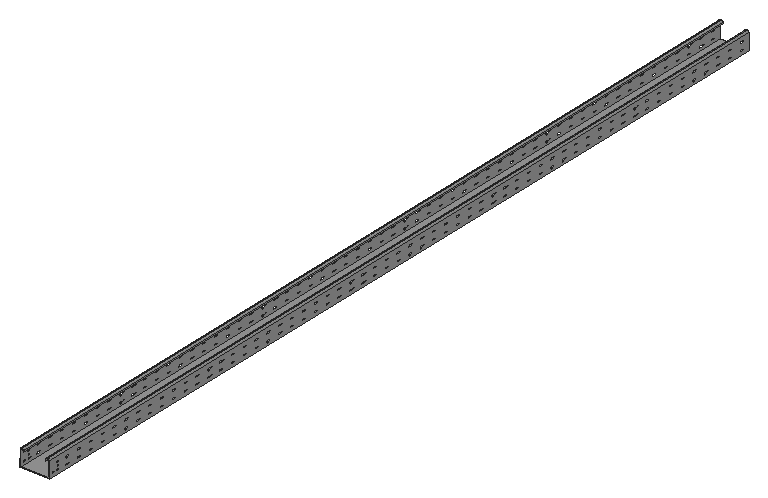
Revit family "Kabelrinne_rksm_A2_610_615_620_630_640_650_660", category Generic Models, Revit 2017 (continued)
Dimensions and locks
  locked: cut or joined group 1 (Extrusion 1, Extrusion 5, Extrusion 8, Extrusion 10, Extrusion 11, Extrusion 13, Extrusion 14, Extrusion 15, Extrusion 16, Extrusion 17, Extrusion 18, Extrusion 19, Extrusion 20, Extrusion 21, Extrusion 22, Extrusion 23, Extrusion 24, Extrusion 25, Extrusion 26, Extrusion 27, Extrusion 28, Extrusion 29, Extrusion 30, Extrusion 31, Extrusion 32, Extrusion 33, Extrusion 34, Extrusion 35, Extrusion 36, Extrusion 37, Extrusion 38, Extrusion 39, Extrusion 40, Extrusion 41, Extrusion 42, Extrusion 43, Extrusion 44, Extrusion 45, Extrusion 46, Extrusion 47, Extrusion 48, Extrusion 49, Extrusion 50, Extrusion 51, Extrusion 52, Extrusion 53, Extrusion 54, Extrusion 55, Extrusion 56, Extrusion 57, Extrusion 58, Extrusion 59, Extrusion 60, Extrusion 61, Extrusion 62, Extrusion 63, Extrusion 64, Extrusion 65, Extrusion 66, Extrusion 67, Extrusion 68, Extrusion 69, Extrusion 70, Extrusion 71, Extrusion 72, Extrusion 73, Extrusion 74, Extrusion 75, Extrusion 76, Extrusion 77, Extrusion 78, Extrusion 79, Extrusion 80, Extrusion 81, Extrusion 82, Extrusion 83, Extrusion 84, Extrusion 85, Extrusion 86, Extrusion 87, Extrusion 88, Extrusion 89, Extrusion 90, Extrusion 91, Extrusion 92, Extrusion 93, Extrusion 94, Extrusion 95, Extrusion 96, Extrusion 97, Extrusion 98, Extrusion 99, Extrusion 100, Extrusion 101, Extrusion 102, Extrusion 103, Extrusion 104, Extrusion 105, Extrusion 106, Extrusion 107, Extrusion 108, Extrusion 109, Extrusion 110, Extrusion 111, Extrusion 112, Extrusion 113, Extrusion 114, Extrusion 115, Extrusion 116, Extrusion 117, Extrusion 118, Extrusion 119, Extrusion 120, Extrusion 121, Extrusion 122, Extrusion 123, Extrusion 124, Extrusion 125, Extrusion 126, Extrusion 127, Extrusion 128, Extrusion 129, Extrusion 130, Extrusion 131, Extrusion 132, Extrusion 133, Extrusion 134, Extrusion 135, Extrusion 136, Extrusion 137, Extrusion 138, Extrusion 139, Extrusion 140, Extrusion 141, Extrusion 142, Extrusion 143, Extrusion 144, Extrusion 145, Extrusion 146, Extrusion 147, Extrusion 148, Extrusion 149, Extrusion 150, Extrusion 151, Extrusion 152, Extrusion 153, Extrusion 154, Extrusion 155, Extrusion 156, Extrusion 157, Extrusion 158, Extrusion 159, Extrusion 160, Extrusion 161, Extrusion 162, Extrusion 163, Extrusion 164, Extrusion 165, Extrusion 166, Extrusion 167, Extrusion 168, Extrusion 169, Extrusion 170, Extrusion 171, Extrusion 172, Extrusion 173, Extrusion 174, Extrusion 175, Extrusion 176, Extrusion 177, Extrusion 178, Extrusion 179, Extrusion 180, Extrusion 181, Extrusion 182, Extrusion 183, Extrusion 184, Extrusion 185, Extrusion 186, Extrusion 187, Extrusion 188, Extrusion 189, Extrusion 190, Extrusion 191, Extrusion 192, Extrusion 193, Extrusion 194, Extrusion 195, Extrusion 196, Extrusion 197, Extrusion 198, Extrusion 199, Extrusion 200, Extrusion 201, Extrusion 202, Extrusion 203, Extrusion 204, Extrusion 205, Extrusion 206, Extrusion 207, Extrusion 208, Extrusion 209, Extrusion 210, Extrusion 211, Extrusion 212, Extrusion 213, Extrusion 214, Extrusion 215, Extrusion 216, Extrusion 217, Extrusion 218, Extrusion 219, Extrusion 220, Extrusion 221, Extrusion 222, Extrusion 223, Extrusion 224, Extrusion 225, Extrusion 226, Extrusion 227, Extrusion 228, Extrusion 229, Extrusion 230, Extrusion 231, Extrusion 232, Extrusion 233, Extrusion 234, Extrusion 235, Extrusion 236, Extrusion 237, Extrusion 238, Extrusion 239, Extrusion 240, Extrusion 241, Extrusion 242, Extrusion 243, Extrusion 244, Extrusion 245, Extrusion 246, Extrusion 247, Extrusion 248, Extrusion 249, Extrusion 250, Extrusion 251, Extrusion 252, Extrusion 253, Extrusion 254, Extrusion 255, Extrusion 256, Extrusion 257, Extrusion 258, Extrusion 259, Extrusion 260, Extrusion 261, Extrusion 262, Extrusion 263, Extrusion 264, Extrusion 265, Extrusion 266, Extrusion 267, Extrusion 268, Extrusion 269, Extrusion 270, Extrusion 271, Extrusion 272, Extrusion 273, Extrusion 274, Extrusion 275, Extrusion 276, Extrusion 277) to cut or joined group 1 at 25  (x2)
  locked: Extrusion 9 sketch curve to Extrusion 9 sketch curve at 7
  locked: Extrusion 10 sketch curve to Extrusion 10 sketch curve at 7
  locked: Extrusion 11 sketch curve to Extrusion 11 sketch curve at 7
  group 9 to group 10 = 0 mm  (x2)
  group 9 to group 10 = 25 mm
  locked: plane 1 "Center (Front/Back)" to cut or joined group 1 at 66.3  (x2)
  locked: plane 1 "Center (Front/Back)" to cut or joined group 1 at 86.3  (x2)
  locked: plane 11 to plane 12 at 50.8
  locked: Extrusion 12 sketch curve to Extrusion 12 sketch curve at 7
  locked: Extrusion 13 sketch curve to Extrusion 13 sketch curve at 7
  locked: Extrusion 14 sketch curve to Extrusion 14 sketch curve at 7
  group 13 to group 14 = 0 mm  (x2)
  group 13 to group 14 = 25 mm
  equal spacing: group 11, group 15, group 18, group 21, group 37, group 199, group 202, group 205, group 208, group 211, group 214, group 217, group 220, group 223, group 226, group 229, group 232, group 235, group 238, group 241, group 244, group 247, group 250, group 253, group 256, group 259, group 262, group 265, group 268, group 271, group 274, group 277, group 280, group 283, group 286, group 289, group 292, group 295, group 298, group 301, group 304, group 307, group 310, group 313, group 316, group 319, group 322, group 325, group 328, group 331, group 334, group 337, group 340, group 343, group 346, group 349, group 352, group 355  (x3)
  locked: plane 1 "Center (Front/Back)" to cut or joined group 1 at 117.1  (x2)
  locked: plane 1 "Center (Front/Back)" to cut or joined group 1 at 137.1  (x2)
  locked: Extrusion 15 sketch curve to Extrusion 15 sketch curve at 7
  locked: Extrusion 16 sketch curve to Extrusion 16 sketch curve at 7
  group 16 to group 17 = 0 mm  (x2)
  group 16 to group 17 = 25 mm
  locked: Extrusion 17 sketch curve to Extrusion 17 sketch curve at 7
  locked: Extrusion 18 sketch curve to Extrusion 18 sketch curve at 7
  group 19 to group 20 = 0 mm  (x2)
  group 19 to group 20 = 25 mm
  locked: Extrusion 19 sketch curve to Extrusion 19 sketch curve at 7
  locked: Extrusion 20 sketch curve to Extrusion 20 sketch curve at 7
  group 23 to group 24 = 0 mm  (x2)
  group 23 to group 24 = 25 mm
  equal spacing: group 22, group 25, group 28, group 31, group 34, group 40, group 43, group 46, group 49, group 52, group 55, group 58, group 61, group 64, group 67, group 70, group 73, group 76, group 79, group 82, group 85, group 88, group 91, group 94, group 97, group 100, group 103, group 106, group 109, group 112, group 115, group 118, group 121, group 124, group 127, group 130, group 133, group 136, group 139, group 142, group 145, group 148, group 151, group 154, group 157, group 160, group 163, group 166, group 169, group 172, group 175, group 178, group 181, group 184, group 187, group 190, group 193, group 196  (x3)
  locked: cut or joined group 1 to plane 1 "Center (Front/Back)" at 117.1  (x2)
  locked: cut or joined group 1 to plane 1 "Center (Front/Back)" at 137.1  (x2)
  locked: Extrusion 21 sketch curve to Extrusion 21 sketch curve at 7
  locked: Extrusion 22 sketch curve to Extrusion 22 sketch curve at 7
  group 26 to group 27 = 0 mm  (x2)
  group 26 to group 27 = 25 mm
  locked: Extrusion 23 sketch curve to Extrusion 23 sketch curve at 7
  locked: Extrusion 24 sketch curve to Extrusion 24 sketch curve at 7
  group 29 to group 30 = 0 mm  (x2)
  group 29 to group 30 = 25 mm
  locked: Extrusion 25 sketch curve to Extrusion 25 sketch curve at 7
  locked: Extrusion 26 sketch curve to Extrusion 26 sketch curve at 7
  group 32 to group 33 = 0 mm  (x2)
  group 32 to group 33 = 25 mm
  locked: Extrusion 27 sketch curve to Extrusion 27 sketch curve at 7
  locked: Extrusion 28 sketch curve to Extrusion 28 sketch curve at 7
  group 35 to group 36 = 0 mm  (x2)
  group 35 to group 36 = 25 mm
  locked: Extrusion 29 sketch curve to Extrusion 29 sketch curve at 7
  locked: Extrusion 30 sketch curve to Extrusion 30 sketch curve at 7
  group 38 to group 39 = 0 mm  (x2)
  group 38 to group 39 = 25 mm
  locked: Extrusion 31 sketch curve to Extrusion 31 sketch curve at 7
  locked: Extrusion 32 sketch curve to Extrusion 32 sketch curve at 7
  group 41 to group 42 = 0 mm  (x2)
  group 41 to group 42 = 25 mm
  locked: Extrusion 33 sketch curve to Extrusion 33 sketch curve at 7
  locked: Extrusion 34 sketch curve to Extrusion 34 sketch curve at 7
  group 44 to group 45 = 0 mm  (x2)
  group 44 to group 45 = 25 mm
  locked: Extrusion 35 sketch curve to Extrusion 35 sketch curve at 7
  locked: Extrusion 36 sketch curve to Extrusion 36 sketch curve at 7
  group 47 to group 48 = 0 mm  (x2)
  group 47 to group 48 = 25 mm
  locked: Extrusion 37 sketch curve to Extrusion 37 sketch curve at 7
  locked: Extrusion 38 sketch curve to Extrusion 38 sketch curve at 7
  group 50 to group 51 = 0 mm  (x2)
  group 50 to group 51 = 25 mm
  locked: Extrusion 39 sketch curve to Extrusion 39 sketch curve at 7
  locked: Extrusion 40 sketch curve to Extrusion 40 sketch curve at 7
  group 53 to group 54 = 0 mm  (x2)
  group 53 to group 54 = 25 mm
  locked: Extrusion 41 sketch curve to Extrusion 41 sketch curve at 7
  locked: Extrusion 42 sketch curve to Extrusion 42 sketch curve at 7
  group 56 to group 57 = 0 mm  (x2)
  group 56 to group 57 = 25 mm
  locked: Extrusion 43 sketch curve to Extrusion 43 sketch curve at 7
  locked: Extrusion 44 sketch curve to Extrusion 44 sketch curve at 7
  group 59 to group 60 = 0 mm  (x2)
  group 59 to group 60 = 25 mm
  locked: Extrusion 45 sketch curve to Extrusion 45 sketch curve at 7
  locked: Extrusion 46 sketch curve to Extrusion 46 sketch curve at 7
  group 62 to group 63 = 0 mm  (x2)
  group 62 to group 63 = 25 mm
  locked: Extrusion 47 sketch curve to Extrusion 47 sketch curve at 7
  locked: Extrusion 48 sketch curve to Extrusion 48 sketch curve at 7
  group 65 to group 66 = 0 mm  (x2)
  group 65 to group 66 = 25 mm
  locked: Extrusion 49 sketch curve to Extrusion 49 sketch curve at 7
  locked: Extrusion 50 sketch curve to Extrusion 50 sketch curve at 7
  group 68 to group 69 = 0 mm  (x2)
  group 68 to group 69 = 25 mm
  locked: Extrusion 51 sketch curve to Extrusion 51 sketch curve at 7
  locked: Extrusion 52 sketch curve to Extrusion 52 sketch curve at 7
  group 71 to group 72 = 0 mm  (x2)
  group 71 to group 72 = 25 mm
  locked: Extrusion 53 sketch curve to Extrusion 53 sketch curve at 7
  locked: Extrusion 54 sketch curve to Extrusion 54 sketch curve at 7
  group 74 to group 75 = 0 mm  (x2)
  group 74 to group 75 = 25 mm
  locked: Extrusion 55 sketch curve to Extrusion 55 sketch curve at 7
  locked: Extrusion 56 sketch curve to Extrusion 56 sketch curve at 7
  group 77 to group 78 = 0 mm  (x2)
  group 77 to group 78 = 25 mm
  locked: Extrusion 57 sketch curve to Extrusion 57 sketch curve at 7
  locked: Extrusion 58 sketch curve to Extrusion 58 sketch curve at 7
  group 80 to group 81 = 0 mm  (x2)
  group 80 to group 81 = 25 mm
  locked: Extrusion 59 sketch curve to Extrusion 59 sketch curve at 7
  locked: Extrusion 60 sketch curve to Extrusion 60 sketch curve at 7
  group 83 to group 84 = 0 mm  (x2)
  group 83 to group 84 = 25 mm
  locked: Extrusion 61 sketch curve to Extrusion 61 sketch curve at 7
  locked: Extrusion 62 sketch curve to Extrusion 62 sketch curve at 7
  group 86 to group 87 = 0 mm  (x2)
  group 86 to group 87 = 25 mm
  locked: Extrusion 63 sketch curve to Extrusion 63 sketch curve at 7
  locked: Extrusion 64 sketch curve to Extrusion 64 sketch curve at 7
  group 89 to group 90 = 0 mm  (x2)
  group 89 to group 90 = 25 mm
  locked: Extrusion 65 sketch curve to Extrusion 65 sketch curve at 7
  locked: Extrusion 66 sketch curve to Extrusion 66 sketch curve at 7
  group 92 to group 93 = 0 mm  (x2)
  group 92 to group 93 = 25 mm
  locked: Extrusion 67 sketch curve to Extrusion 67 sketch curve at 7
  locked: Extrusion 68 sketch curve to Extrusion 68 sketch curve at 7
  group 95 to group 96 = 0 mm  (x2)
  group 95 to group 96 = 25 mm
  locked: Extrusion 69 sketch curve to Extrusion 69 sketch curve at 7
  locked: Extrusion 70 sketch curve to Extrusion 70 sketch curve at 7
  group 98 to group 99 = 0 mm  (x2)
  group 98 to group 99 = 25 mm
  locked: Extrusion 71 sketch curve to Extrusion 71 sketch curve at 7
  locked: Extrusion 72 sketch curve to Extrusion 72 sketch curve at 7
  group 101 to group 102 = 0 mm  (x2)
  group 101 to group 102 = 25 mm
  locked: Extrusion 73 sketch curve to Extrusion 73 sketch curve at 7
  locked: Extrusion 74 sketch curve to Extrusion 74 sketch curve at 7
  group 104 to group 105 = 0 mm  (x2)
  group 104 to group 105 = 25 mm
  locked: Extrusion 75 sketch curve to Extrusion 75 sketch curve at 7
  locked: Extrusion 76 sketch curve to Extrusion 76 sketch curve at 7
  group 107 to group 108 = 0 mm  (x2)
  group 107 to group 108 = 25 mm
  locked: Extrusion 77 sketch curve to Extrusion 77 sketch curve at 7
  locked: Extrusion 78 sketch curve to Extrusion 78 sketch curve at 7
  group 110 to group 111 = 0 mm  (x2)
  group 110 to group 111 = 25 mm
  locked: Extrusion 79 sketch curve to Extrusion 79 sketch curve at 7
  locked: Extrusion 80 sketch curve to Extrusion 80 sketch curve at 7
  group 113 to group 114 = 0 mm  (x2)
  group 113 to group 114 = 25 mm
  locked: Extrusion 81 sketch curve to Extrusion 81 sketch curve at 7
  locked: Extrusion 82 sketch curve to Extrusion 82 sketch curve at 7
  group 116 to group 117 = 0 mm  (x2)
  group 116 to group 117 = 25 mm
  locked: Extrusion 83 sketch curve to Extrusion 83 sketch curve at 7
  locked: Extrusion 84 sketch curve to Extrusion 84 sketch curve at 7
  group 119 to group 120 = 0 mm  (x2)
  group 119 to group 120 = 25 mm
  locked: Extrusion 85 sketch curve to Extrusion 85 sketch curve at 7
  locked: Extrusion 86 sketch curve to Extrusion 86 sketch curve at 7
  group 122 to group 123 = 0 mm  (x2)
  group 122 to group 123 = 25 mm
  locked: Extrusion 87 sketch curve to Extrusion 87 sketch curve at 7
  locked: Extrusion 88 sketch curve to Extrusion 88 sketch curve at 7
  group 125 to group 126 = 0 mm  (x2)
  group 125 to group 126 = 25 mm
  locked: Extrusion 89 sketch curve to Extrusion 89 sketch curve at 7
  locked: Extrusion 90 sketch curve to Extrusion 90 sketch curve at 7
  group 128 to group 129 = 0 mm  (x2)
  group 128 to group 129 = 25 mm
  locked: Extrusion 91 sketch curve to Extrusion 91 sketch curve at 7
  locked: Extrusion 92 sketch curve to Extrusion 92 sketch curve at 7
  group 131 to group 132 = 0 mm  (x2)
  group 131 to group 132 = 25 mm
  locked: Extrusion 93 sketch curve to Extrusion 93 sketch curve at 7
  locked: Extrusion 94 sketch curve to Extrusion 94 sketch curve at 7
  group 134 to group 135 = 0 mm  (x2)
  group 134 to group 135 = 25 mm
  locked: Extrusion 95 sketch curve to Extrusion 95 sketch curve at 7
  locked: Extrusion 96 sketch curve to Extrusion 96 sketch curve at 7
  group 137 to group 138 = 0 mm  (x2)
  group 137 to group 138 = 25 mm
  locked: Extrusion 97 sketch curve to Extrusion 97 sketch curve at 7
  locked: Extrusion 98 sketch curve to Extrusion 98 sketch curve at 7
  group 140 to group 141 = 0 mm  (x2)
  group 140 to group 141 = 25 mm
  locked: Extrusion 99 sketch curve to Extrusion 99 sketch curve at 7
  locked: Extrusion 100 sketch curve to Extrusion 100 sketch curve at 7
  group 143 to group 144 = 0 mm  (x2)
  group 143 to group 144 = 25 mm
  locked: Extrusion 101 sketch curve to Extrusion 101 sketch curve at 7
  locked: Extrusion 102 sketch curve to Extrusion 102 sketch curve at 7
  group 146 to group 147 = 0 mm  (x2)
  group 146 to group 147 = 25 mm
  locked: Extrusion 103 sketch curve to Extrusion 103 sketch curve at 7
  locked: Extrusion 104 sketch curve to Extrusion 104 sketch curve at 7
  group 149 to group 150 = 0 mm  (x2)
  group 149 to group 150 = 25 mm
  locked: Extrusion 105 sketch curve to Extrusion 105 sketch curve at 7
  locked: Extrusion 106 sketch curve to Extrusion 106 sketch curve at 7
  group 152 to group 153 = 0 mm  (x2)
  group 152 to group 153 = 25 mm
  locked: Extrusion 107 sketch curve to Extrusion 107 sketch curve at 7
  locked: Extrusion 108 sketch curve to Extrusion 108 sketch curve at 7
  group 155 to group 156 = 0 mm  (x2)
  group 155 to group 156 = 25 mm
  locked: Extrusion 109 sketch curve to Extrusion 109 sketch curve at 7
  locked: Extrusion 110 sketch curve to Extrusion 110 sketch curve at 7
  group 158 to group 159 = 0 mm  (x2)
  group 158 to group 159 = 25 mm
  locked: Extrusion 111 sketch curve to Extrusion 111 sketch curve at 7
  locked: Extrusion 112 sketch curve to Extrusion 112 sketch curve at 7
  group 161 to group 162 = 0 mm  (x2)
  group 161 to group 162 = 25 mm
  locked: Extrusion 113 sketch curve to Extrusion 113 sketch curve at 7
  locked: Extrusion 114 sketch curve to Extrusion 114 sketch curve at 7
  group 164 to group 165 = 0 mm  (x2)
  group 164 to group 165 = 25 mm
  locked: Extrusion 115 sketch curve to Extrusion 115 sketch curve at 7
  locked: Extrusion 116 sketch curve to Extrusion 116 sketch curve at 7
  group 167 to group 168 = 0 mm  (x2)
  group 167 to group 168 = 25 mm
  locked: Extrusion 117 sketch curve to Extrusion 117 sketch curve at 7
  locked: Extrusion 118 sketch curve to Extrusion 118 sketch curve at 7
  group 170 to group 171 = 0 mm  (x2)
  group 170 to group 171 = 25 mm
  locked: Extrusion 119 sketch curve to Extrusion 119 sketch curve at 7
  locked: Extrusion 120 sketch curve to Extrusion 120 sketch curve at 7
  group 173 to group 174 = 0 mm  (x2)
  group 173 to group 174 = 25 mm
  locked: Extrusion 121 sketch curve to Extrusion 121 sketch curve at 7
  locked: Extrusion 122 sketch curve to Extrusion 122 sketch curve at 7
  group 176 to group 177 = 0 mm  (x2)
  group 176 to group 177 = 25 mm
  locked: Extrusion 123 sketch curve to Extrusion 123 sketch curve at 7
  locked: Extrusion 124 sketch curve to Extrusion 124 sketch curve at 7
  group 179 to group 180 = 0 mm  (x2)
  group 179 to group 180 = 25 mm
  locked: Extrusion 125 sketch curve to Extrusion 125 sketch curve at 7
  locked: Extrusion 126 sketch curve to Extrusion 126 sketch curve at 7
  group 182 to group 183 = 0 mm  (x2)
  group 182 to group 183 = 25 mm
  locked: Extrusion 127 sketch curve to Extrusion 127 sketch curve at 7
  locked: Extrusion 128 sketch curve to Extrusion 128 sketch curve at 7
  group 185 to group 186 = 0 mm  (x2)
  group 185 to group 186 = 25 mm
  locked: Extrusion 129 sketch curve to Extrusion 129 sketch curve at 7
  locked: Extrusion 130 sketch curve to Extrusion 130 sketch curve at 7
  group 188 to group 189 = 0 mm  (x2)
  group 188 to group 189 = 25 mm
  locked: Extrusion 131 sketch curve to Extrusion 131 sketch curve at 7
  locked: Extrusion 132 sketch curve to Extrusion 132 sketch curve at 7
  group 191 to group 192 = 0 mm  (x2)
  group 191 to group 192 = 25 mm
  locked: Extrusion 133 sketch curve to Extrusion 133 sketch curve at 7
  locked: Extrusion 134 sketch curve to Extrusion 134 sketch curve at 7
  group 194 to group 195 = 0 mm  (x2)
  group 194 to group 195 = 25 mm
  locked: Extrusion 135 sketch curve to Extrusion 135 sketch curve at 7
  locked: Extrusion 136 sketch curve to Extrusion 136 sketch curve at 7
  group 197 to group 198 = 0 mm  (x2)
  group 197 to group 198 = 25 mm
  locked: Extrusion 137 sketch curve to Extrusion 137 sketch curve at 7
  locked: Extrusion 138 sketch curve to Extrusion 138 sketch curve at 7
  group 200 to group 201 = 0 mm  (x2)
  group 200 to group 201 = 25 mm
  locked: Extrusion 139 sketch curve to Extrusion 139 sketch curve at 7
  locked: Extrusion 140 sketch curve to Extrusion 140 sketch curve at 7
  group 203 to group 204 = 0 mm  (x2)
  group 203 to group 204 = 25 mm
  locked: Extrusion 141 sketch curve to Extrusion 141 sketch curve at 7
  locked: Extrusion 142 sketch curve to Extrusion 142 sketch curve at 7
  group 206 to group 207 = 0 mm  (x2)
  group 206 to group 207 = 25 mm
  locked: Extrusion 143 sketch curve to Extrusion 143 sketch curve at 7
  locked: Extrusion 144 sketch curve to Extrusion 144 sketch curve at 7
  group 209 to group 210 = 0 mm  (x2)
  group 209 to group 210 = 25 mm
  locked: Extrusion 145 sketch curve to Extrusion 145 sketch curve at 7
  locked: Extrusion 146 sketch curve to Extrusion 146 sketch curve at 7
  group 212 to group 213 = 0 mm  (x2)
  group 212 to group 213 = 25 mm
  locked: Extrusion 147 sketch curve to Extrusion 147 sketch curve at 7
  locked: Extrusion 148 sketch curve to Extrusion 148 sketch curve at 7
  group 215 to group 216 = 0 mm  (x2)
  group 215 to group 216 = 25 mm
  locked: Extrusion 149 sketch curve to Extrusion 149 sketch curve at 7
  locked: Extrusion 150 sketch curve to Extrusion 150 sketch curve at 7
  group 218 to group 219 = 0 mm  (x2)
  group 218 to group 219 = 25 mm
  locked: Extrusion 151 sketch curve to Extrusion 151 sketch curve at 7
  locked: Extrusion 152 sketch curve to Extrusion 152 sketch curve at 7
  group 221 to group 222 = 0 mm  (x2)
  group 221 to group 222 = 25 mm
  locked: Extrusion 153 sketch curve to Extrusion 153 sketch curve at 7
  locked: Extrusion 154 sketch curve to Extrusion 154 sketch curve at 7
  group 224 to group 225 = 0 mm  (x2)
  group 224 to group 225 = 25 mm
  locked: Extrusion 155 sketch curve to Extrusion 155 sketch curve at 7
  locked: Extrusion 156 sketch curve to Extrusion 156 sketch curve at 7
  group 227 to group 228 = 0 mm  (x2)
  group 227 to group 228 = 25 mm
  locked: Extrusion 157 sketch curve to Extrusion 157 sketch curve at 7
  locked: Extrusion 158 sketch curve to Extrusion 158 sketch curve at 7
  group 230 to group 231 = 0 mm  (x2)
  group 230 to group 231 = 25 mm
  locked: Extrusion 159 sketch curve to Extrusion 159 sketch curve at 7
  locked: Extrusion 160 sketch curve to Extrusion 160 sketch curve at 7
  group 233 to group 234 = 0 mm  (x2)
  group 233 to group 234 = 25 mm
  locked: Extrusion 161 sketch curve to Extrusion 161 sketch curve at 7
  locked: Extrusion 162 sketch curve to Extrusion 162 sketch curve at 7
  group 236 to group 237 = 0 mm  (x2)
  group 236 to group 237 = 25 mm
  locked: Extrusion 163 sketch curve to Extrusion 163 sketch curve at 7
  locked: Extrusion 164 sketch curve to Extrusion 164 sketch curve at 7
  group 239 to group 240 = 0 mm  (x2)
  group 239 to group 240 = 25 mm
  locked: Extrusion 165 sketch curve to Extrusion 165 sketch curve at 7
  locked: Extrusion 166 sketch curve to Extrusion 166 sketch curve at 7
  group 242 to group 243 = 0 mm  (x2)
  group 242 to group 243 = 25 mm
  locked: Extrusion 167 sketch curve to Extrusion 167 sketch curve at 7
  locked: Extrusion 168 sketch curve to Extrusion 168 sketch curve at 7
  group 245 to group 246 = 0 mm  (x2)
  group 245 to group 246 = 25 mm
  locked: Extrusion 169 sketch curve to Extrusion 169 sketch curve at 7
  locked: Extrusion 170 sketch curve to Extrusion 170 sketch curve at 7
  group 248 to group 249 = 0 mm  (x2)
  group 248 to group 249 = 25 mm
  locked: Extrusion 171 sketch curve to Extrusion 171 sketch curve at 7
  locked: Extrusion 172 sketch curve to Extrusion 172 sketch curve at 7
  group 251 to group 252 = 0 mm  (x2)
  group 251 to group 252 = 25 mm
  locked: Extrusion 173 sketch curve to Extrusion 173 sketch curve at 7
  locked: Extrusion 174 sketch curve to Extrusion 174 sketch curve at 7
  group 254 to group 255 = 0 mm  (x2)
  group 254 to group 255 = 25 mm
  locked: Extrusion 175 sketch curve to Extrusion 175 sketch curve at 7
  locked: Extrusion 176 sketch curve to Extrusion 176 sketch curve at 7
  group 257 to group 258 = 0 mm  (x2)
  group 257 to group 258 = 25 mm
  locked: Extrusion 177 sketch curve to Extrusion 177 sketch curve at 7
  locked: Extrusion 178 sketch curve to Extrusion 178 sketch curve at 7
  group 260 to group 261 = 0 mm  (x2)
  group 260 to group 261 = 25 mm
  locked: Extrusion 179 sketch curve to Extrusion 179 sketch curve at 7
  locked: Extrusion 180 sketch curve to Extrusion 180 sketch curve at 7
  group 263 to group 264 = 0 mm  (x2)
  group 263 to group 264 = 25 mm
  locked: Extrusion 181 sketch curve to Extrusion 181 sketch curve at 7
  locked: Extrusion 182 sketch curve to Extrusion 182 sketch curve at 7
  group 266 to group 267 = 0 mm  (x2)
  group 266 to group 267 = 25 mm
  locked: Extrusion 183 sketch curve to Extrusion 183 sketch curve at 7
  locked: Extrusion 184 sketch curve to Extrusion 184 sketch curve at 7
  group 269 to group 270 = 0 mm  (x2)
  group 269 to group 270 = 25 mm
  locked: Extrusion 185 sketch curve to Extrusion 185 sketch curve at 7
  locked: Extrusion 186 sketch curve to Extrusion 186 sketch curve at 7
  group 272 to group 273 = 0 mm  (x2)
  group 272 to group 273 = 25 mm
  locked: Extrusion 187 sketch curve to Extrusion 187 sketch curve at 7
  locked: Extrusion 188 sketch curve to Extrusion 188 sketch curve at 7
  group 275 to group 276 = 0 mm  (x2)
  group 275 to group 276 = 25 mm
  locked: Extrusion 189 sketch curve to Extrusion 189 sketch curve at 7
  locked: Extrusion 190 sketch curve to Extrusion 190 sketch curve at 7
  group 278 to group 279 = 0 mm  (x2)
  group 278 to group 279 = 25 mm
  locked: Extrusion 191 sketch curve to Extrusion 191 sketch curve at 7
  locked: Extrusion 192 sketch curve to Extrusion 192 sketch curve at 7
  group 281 to group 282 = 0 mm  (x2)
  group 281 to group 282 = 25 mm
  locked: Extrusion 193 sketch curve to Extrusion 193 sketch curve at 7
  locked: Extrusion 194 sketch curve to Extrusion 194 sketch curve at 7
  group 284 to group 285 = 0 mm  (x2)
  group 284 to group 285 = 25 mm
  locked: Extrusion 195 sketch curve to Extrusion 195 sketch curve at 7
  locked: Extrusion 196 sketch curve to Extrusion 196 sketch curve at 7
  group 287 to group 288 = 0 mm  (x2)
  group 287 to group 288 = 25 mm
  locked: Extrusion 197 sketch curve to Extrusion 197 sketch curve at 7
  locked: Extrusion 198 sketch curve to Extrusion 198 sketch curve at 7
  group 290 to group 291 = 0 mm  (x2)
  group 290 to group 291 = 25 mm
  locked: Extrusion 199 sketch curve to Extrusion 199 sketch curve at 7
  locked: Extrusion 200 sketch curve to Extrusion 200 sketch curve at 7
  group 293 to group 294 = 0 mm  (x2)
  group 293 to group 294 = 25 mm
  locked: Extrusion 201 sketch curve to Extrusion 201 sketch curve at 7
  locked: Extrusion 202 sketch curve to Extrusion 202 sketch curve at 7
  group 296 to group 297 = 0 mm  (x2)
  group 296 to group 297 = 25 mm
  locked: Extrusion 203 sketch curve to Extrusion 203 sketch curve at 7
  locked: Extrusion 204 sketch curve to Extrusion 204 sketch curve at 7
  group 299 to group 300 = 0 mm  (x2)
  group 299 to group 300 = 25 mm
  locked: Extrusion 205 sketch curve to Extrusion 205 sketch curve at 7
  locked: Extrusion 206 sketch curve to Extrusion 206 sketch curve at 7
  group 302 to group 303 = 0 mm  (x2)
  group 302 to group 303 = 25 mm
  locked: Extrusion 207 sketch curve to Extrusion 207 sketch curve at 7
  locked: Extrusion 208 sketch curve to Extrusion 208 sketch curve at 7
  group 305 to group 306 = 0 mm  (x2)
  group 305 to group 306 = 25 mm
  locked: Extrusion 209 sketch curve to Extrusion 209 sketch curve at 7
  locked: Extrusion 210 sketch curve to Extrusion 210 sketch curve at 7
  group 308 to group 309 = 0 mm  (x2)
  group 308 to group 309 = 25 mm
  locked: Extrusion 211 sketch curve to Extrusion 211 sketch curve at 7
  locked: Extrusion 212 sketch curve to Extrusion 212 sketch curve at 7
  group 311 to group 312 = 0 mm  (x2)
  group 311 to group 312 = 25 mm
  locked: Extrusion 213 sketch curve to Extrusion 213 sketch curve at 7
  locked: Extrusion 214 sketch curve to Extrusion 214 sketch curve at 7
  group 314 to group 315 = 0 mm  (x2)
  group 314 to group 315 = 25 mm
  locked: Extrusion 215 sketch curve to Extrusion 215 sketch curve at 7
  locked: Extrusion 216 sketch curve to Extrusion 216 sketch curve at 7
  group 317 to group 318 = 0 mm  (x2)
  group 317 to group 318 = 25 mm
  locked: Extrusion 217 sketch curve to Extrusion 217 sketch curve at 7
  locked: Extrusion 218 sketch curve to Extrusion 218 sketch curve at 7
  group 320 to group 321 = 0 mm  (x2)
  group 320 to group 321 = 25 mm
  locked: Extrusion 219 sketch curve to Extrusion 219 sketch curve at 7
  locked: Extrusion 220 sketch curve to Extrusion 220 sketch curve at 7
  group 323 to group 324 = 0 mm  (x2)
  group 323 to group 324 = 25 mm
  locked: Extrusion 221 sketch curve to Extrusion 221 sketch curve at 7
  locked: Extrusion 222 sketch curve to Extrusion 222 sketch curve at 7
  group 326 to group 327 = 0 mm  (x2)
  group 326 to group 327 = 25 mm
  locked: Extrusion 223 sketch curve to Extrusion 223 sketch curve at 7
  locked: Extrusion 224 sketch curve to Extrusion 224 sketch curve at 7
  group 329 to group 330 = 0 mm  (x2)
  group 329 to group 330 = 25 mm
  locked: Extrusion 225 sketch curve to Extrusion 225 sketch curve at 7
  locked: Extrusion 226 sketch curve to Extrusion 226 sketch curve at 7
  group 332 to group 333 = 0 mm  (x2)
  group 332 to group 333 = 25 mm
  locked: Extrusion 227 sketch curve to Extrusion 227 sketch curve at 7
  locked: Extrusion 228 sketch curve to Extrusion 228 sketch curve at 7
  group 335 to group 336 = 0 mm  (x2)
  group 335 to group 336 = 25 mm
  locked: Extrusion 229 sketch curve to Extrusion 229 sketch curve at 7
  locked: Extrusion 230 sketch curve to Extrusion 230 sketch curve at 7
  group 338 to group 339 = 0 mm  (x2)
  group 338 to group 339 = 25 mm
  locked: Extrusion 231 sketch curve to Extrusion 231 sketch curve at 7
  locked: Extrusion 232 sketch curve to Extrusion 232 sketch curve at 7
  group 341 to group 342 = 0 mm  (x2)
  group 341 to group 342 = 25 mm
  locked: Extrusion 233 sketch curve to Extrusion 233 sketch curve at 7
  locked: Extrusion 234 sketch curve to Extrusion 234 sketch curve at 7
  group 344 to group 345 = 0 mm  (x2)
  group 344 to group 345 = 25 mm
  locked: Extrusion 235 sketch curve to Extrusion 235 sketch curve at 7
  locked: Extrusion 236 sketch curve to Extrusion 236 sketch curve at 7
  group 347 to group 348 = 0 mm  (x2)
  group 347 to group 348 = 25 mm
  locked: Extrusion 237 sketch curve to Extrusion 237 sketch curve at 7
  locked: Extrusion 238 sketch curve to Extrusion 238 sketch curve at 7
  group 350 to group 351 = 0 mm  (x2)
  group 350 to group 351 = 25 mm
  locked: Extrusion 239 sketch curve to Extrusion 239 sketch curve at 7
  locked: Extrusion 240 sketch curve to Extrusion 240 sketch curve at 7
  group 353 to group 354 = 0 mm  (x2)
  group 353 to group 354 = 25 mm
